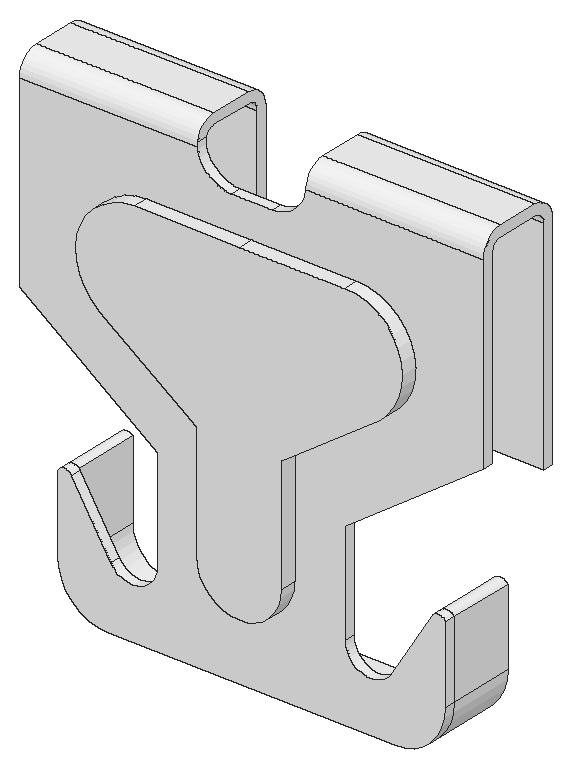
Revit family "sclip_20", category 機械設備, Revit 2022
Family settings
  丸型コネクタ寸法 = 直径を使用
  種別 = なし
  パーツ タイプ = 標準
  作業面ベース = いいえ
  常に垂直 = はい
  ロード時にボイドで切り取り = いいえ
  注釈の向きを維持 = いいえ
  共有 = いいえ
  部屋計算ポイント = いいえ
Parameters
  製造元 = "株式会社桐井製作所"
  既定の高さ = 0 mm
  URL = "https://www.kirii.co.jp/"
  K_品名 = "特殊20mmSクリップ"
  K_名称 = "特殊クリップ"
  K_入数 = "2000"
  K_バージョン情報 = "20211012"
Reference planes
  plane 1 "中心(正面/背面)": y = 0
  plane 2: z = 0
  plane 3 "中心(左/右)": x = 0
Forms (mm)
  Extrusion 1, solid
    sketch origin (0, 30, 0) x (0, 1, 0) y (0, 0, 1)
      loop
        line (-30, 0) -> (-29.4, -0.6) -> (-29.4, 27.35)
        arc (-29.4, 27.35) -> (-29.21, 27.81) -> (-28.75, 28) r 0.65
        line (-28.75, 28) -> (-26.25, 28)
        arc (-26.25, 28) -> (-25.79, 27.81) -> (-25.6, 27.35) r 0.65
        line (-25.6, 27.35) -> (-25.6, 13.75) -> (-25, 14.35) -> (-25, 27.35)
        arc (-25, 27.35) -> (-25.366, 28.234) -> (-26.25, 28.6) r 1.25
        line (-26.25, 28.6) -> (-28.75, 28.6)
        arc (-28.75, 28.6) -> (-29.634, 28.234) -> (-30, 27.35) r 1.25
        line (-30, 27.35) -> (-30, 0)
    from -13.6 to 13.6
  Extrusion 2, void
    sketch origin (0, -0.6, -0.8) x (0, 1, 0) y (0, 0, 1)
      loop
        line (0.397, 0.8) -> (0.397, -0.064) -> (1.428, -0.064) -> (1.428, 0.8) -> (0.397, 0.8)
    from -13.6 to 13.6
  Extrusion 3, void
    sketch origin (0.081, 0, 4.031) x (1, 0, 0) y (0, 0, 1)
      loop
        arc (1.119, 21.569) -> (2.533, 22.155) -> (3.119, 23.569) r 2
        line (3.119, 23.569) -> (3.119, 24.569) -> (-3.281, 24.569) -> (-3.281, 23.569)
        arc (-3.281, 23.569) -> (-2.695, 22.155) -> (-1.281, 21.569) r 2
        line (-1.281, 21.569) -> (1.119, 21.569)
    from -3.583 to 0.175
  Extrusion 4, void
    sketch origin (0, 0, 4.642) x (1, 0, 0) y (0, 0, 1)
      loop
        line (-3.2, 23.958) -> (-3.2, 9.108) -> (3.2, 9.108) -> (3.2, 23.958) -> (-3.2, 23.958)
    from -3.583 to -5
  Extrusion 5, void
    sketch origin (0, -11.6, -5.745) x (0, 1, 0) y (0, 0, 1)
      loop
        line (15.183, 20.105) -> (15.183, 19.281) -> (16.6, 19.281) -> (16.6, 20.105) -> (15.183, 20.105)
    from -13.6 to 13.6
  Extrusion 6, void
    sketch origin (0, 0, 0) x (1, 0, 0) y (0, 0, 1)
      loop
        line (-13.6, 16.35) -> (-13.6, 0) -> (-8.4, 0)
        arc (-8.4, 0) -> (-10.521, 0.879) -> (-11.4, 3) r 3
        line (-11.4, 3) -> (-11.4, 7.4)
        arc (-11.4, 7.4) -> (-11.007, 7.738) -> (-10.541, 7.512) r 0.472
        line (-10.541, 7.512) -> (-8.289, 3.732)
        arc (-8.289, 3.732) -> (-6.602, 3.054) -> (-5.5, 4.5) r 1.5
        line (-5.5, 4.5) -> (-5.5, 10.5) -> (-13.6, 16.35)
      loop
        line (13.6, 0) -> (13.6, 16.35) -> (5.5, 10.5) -> (5.5, 4.5)
        arc (5.5, 4.5) -> (6.602, 3.054) -> (8.289, 3.732) r 1.5
        line (8.289, 3.732) -> (10.541, 7.512)
        arc (10.541, 7.512) -> (10.97, 7.756) -> (11.4, 7.512) r 0.5
        line (11.4, 7.512) -> (11.4, 3)
        arc (11.4, 3) -> (10.521, 0.879) -> (8.4, 0) r 3
        line (8.4, 0) -> (13.6, 0)
    from -0.6 to 0.203
  Extrusion 7, solid
    sketch origin (0, 0, 0) x (1, 0, 0) y (0, 0, 1)
      loop
        arc (-10.6, 7.591) -> (-11.056, 7.729) -> (-11.4, 7.4) r 0.472
        line (-11.4, 7.4) -> (-11.4, 3)
        arc (-11.4, 3) -> (-10.521, 0.879) -> (-8.4, 0) r 3
        line (-8.4, 0) -> (8.4, 0)
        arc (8.4, 0) -> (10.521, 0.879) -> (11.4, 3) r 3
        line (11.4, 3) -> (11.4, 7.512)
        arc (11.4, 7.512) -> (11.02, 7.753) -> (10.6, 7.592) r 0.5
        line (10.6, 7.592) -> (10.6, 3)
        arc (10.6, 3) -> (9.956, 1.444) -> (8.4, 0.8) r 2.2
        line (8.4, 0.8) -> (-8.4, 0.8)
        arc (-8.4, 0.8) -> (-9.956, 1.444) -> (-10.6, 3) r 2.2
        line (-10.6, 3) -> (-10.6, 7.591)
    from -4.509 to -0.6
  Extrusion 8, solid
    sketch origin (0, 0, 0) x (1, 0, 0) y (0, 0, 1)
      loop
        line (-2.5, 13.267) -> (-2.5, 6.5)
        arc (-2.5, 6.5) -> (-1.768, 4.732) -> (0, 4) r 2.5
        arc (0, 4) -> (1.768, 4.732) -> (2.5, 6.5) r 2.5
        line (2.5, 6.5) -> (2.5, 13.267) -> (8.172, 17.364)
        arc (8.172, 17.364) -> (9.433, 21.216) -> (6.156, 23.6) r 3.444
        line (6.156, 23.6) -> (0, 23.6) -> (-6.156, 23.6)
        arc (-6.156, 23.6) -> (-9.433, 21.216) -> (-8.172, 17.364) r 3.444
        line (-8.172, 17.364) -> (-2.5, 13.267)
    from 0 to 0.9
Cuts and joins
  Extrusion 2, Extrusion 3, Extrusion 4, Extrusion 5, Extrusion 6 cuts Extrusion 1
  joined: Extrusion 1, Extrusion 8
Dimensions and locks
  aligned and locked: level to plane 2
